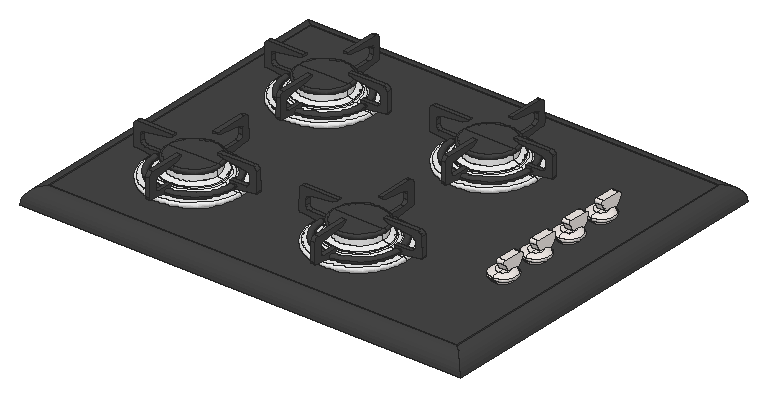
Revit family "Cook_Top_10077", category Modelos genéricos, Revit 2024
Family settings
  Puede alojar armadura = No
  Cota de conector redondo = Usar diámetro
  Tipo de pieza = Normal
  Se basa en plano de trabajo = No
  Siempre vertical = Sí
  Corte con vacíos al cargar = No
  Mantener orientación de anotación = No
  Compartido = No
  Punto de cálculo de habitación = No
Parameters
  Elevación por defecto = 0 m
Reference planes (m)
  plane 1 "Center (Front/Back)": y = 0
  plane 2: z = 0
  plane 3 "Center (Left/Right)": x = 0
Forms (m)
  Extrusion 1, solid, material "preto"
    sketch origin (0, 0, 0) x (1, 0, 0) y (0, 1, 0)
      loop
        line (-0.25, 0.2) -> (-0.25, -0.2) -> (0.25, -0.2) -> (0.25, 0.2) -> (-0.25, 0.2)
    from 0 to 0.02
  Sweep 2, solid, material "preto"
    path in 3D
      loop
        line (0.25, -0.2, 0.02) -> (0.25, 0.2, 0.02) -> (-0.25, 0.2, 0.02) -> (-0.25, -0.2, 0.02) -> (0.25, -0.2, 0.02)
    profile origin (0, -0.2, 0.02) x (0, 1, 0) y (0, 0, 1)
      loop
        arc (0, 0) -> (-0.014142, -0.005858) -> (-0.02, -0.02) r 0.02
        line (-0.02, -0.02) -> (0, -0.02) -> (0, 0)
  Revolve 3, solid, material "01 crhome"
    sketch origin (0.155, 0.095, 0.02) x (-1, 0, 0) y (0, 0, -1)
      loop
        line (0.10125, 0) -> (0.04625, 0)
        arc (0.04625, 0) -> (0.04375, -0.0025) -> (0.04625, -0.005) r 0.0025
        line (0.04625, -0.005) -> (0.05625, -0.005) -> (0.059786, -0.008536)
        arc (0.059786, -0.008536) -> (0.061398, -0.009563) -> (0.063293, -0.009812) r 0.004416
        line (0.063293, -0.009812) -> (0.06719, -0.009812) -> (0.06719, -0.010959) -> (0.06538, -0.010959) -> (0.06538, -0.011852) -> (0.072127, -0.014578) -> (0.072127, -0.023722) -> (0.10125, -0.023722) -> (0.10125, 0)
      axis (0.10125, -0.023722) -> (0.10125, 0)
    angle from 0 to 360
  Revolve 4, solid, material "preto"
    sketch origin (0.155, 0.095, 0.02) x (-1, 0, 0) y (0, 0, -1)
      loop
        circle (0.054617, -0.008324) r 0.003052
      axis (0.10125, -0.008324) -> (0.10125, -0.009324)
    angle from 0 to 360
  Extrusion 5, solid, material "preto"
    sketch origin (0.155, 0.1025, 0.02) x (-1, 0, 0) y (0, 0, -1)
      loop
        line (0.05353, -0.005462) -> (0.027524, -0.008655)
        arc (0.027524, -0.008655) -> (0.026171, -0.009374) -> (0.025647, -0.010813) r 0.002139
        line (0.025647, -0.010813) -> (0.026019, -0.033141)
        arc (0.026019, -0.033141) -> (0.027535, -0.036556) -> (0.030998, -0.037957) r 0.004982
        line (0.030998, -0.037957) -> (0.073328, -0.037957) -> (0.073328, -0.036184) -> (0.066703, -0.033095) -> (0.039234, -0.029722)
        arc (0.039234, -0.029722) -> (0.035711, -0.028263) -> (0.034252, -0.02474) r 0.004982
        line (0.034252, -0.02474) -> (0.034252, -0.018214)
        arc (0.034252, -0.018214) -> (0.035711, -0.014691) -> (0.039234, -0.013232) r 0.004982
        line (0.039234, -0.013232) -> (0.059234, -0.013232) -> (0.059234, -0.011166) -> (0.05353, -0.005462)
    from 0 to 0.005
  Revolve 6, solid, material "preto"
    sketch origin (0.155, 0.095, 0.02) x (-1, 0, 0) y (0, 0, -1)
      loop
        arc (0.072256, -0.023722) -> (0.068769, -0.024687) -> (0.070852, -0.027645) r 0.002213
        line (0.070852, -0.027645) -> (0.10125, -0.027645) -> (0.10125, -0.023722) -> (0.072256, -0.023722)
      axis (0.10125, -0.023722) -> (0.10125, -0.027645)
    angle from 0 to 360
  Extrusion 7, solid, material "preto"
    sketch origin (0.05625, 0.20125, 0.02) x (0, -1, 0) y (0, 0, 1)
      loop
        line (0.05353, 0.005462) -> (0.059234, 0.011166) -> (0.059234, 0.013232) -> (0.039234, 0.013232)
        arc (0.039234, 0.013232) -> (0.035711, 0.014691) -> (0.034252, 0.018214) r 0.004982
        line (0.034252, 0.018214) -> (0.034252, 0.02474)
        arc (0.034252, 0.02474) -> (0.035711, 0.028263) -> (0.039234, 0.029722) r 0.004982
        line (0.039234, 0.029722) -> (0.066703, 0.033095) -> (0.073328, 0.036184) -> (0.073328, 0.037957) -> (0.030998, 0.037957)
        arc (0.030998, 0.037957) -> (0.027535, 0.036556) -> (0.026019, 0.033141) r 0.004982
        line (0.026019, 0.033141) -> (0.025647, 0.010813)
        arc (0.025647, 0.010813) -> (0.026171, 0.009374) -> (0.027524, 0.008655) r 0.002139
        line (0.027524, 0.008655) -> (0.05353, 0.005462)
    from 0 to 0.005
  Extrusion 8, solid, material "preto"
    sketch origin (0.05625, -0.00125, 0.02) x (0, 1, 0) y (0, 0, -1)
      loop
        line (0.05353, -0.005462) -> (0.027524, -0.008655)
        arc (0.027524, -0.008655) -> (0.026171, -0.009374) -> (0.025647, -0.010813) r 0.002139
        line (0.025647, -0.010813) -> (0.026019, -0.033141)
        arc (0.026019, -0.033141) -> (0.027535, -0.036556) -> (0.030998, -0.037957) r 0.004982
        line (0.030998, -0.037957) -> (0.073328, -0.037957) -> (0.073328, -0.036184) -> (0.066703, -0.033095) -> (0.039234, -0.029722)
        arc (0.039234, -0.029722) -> (0.035711, -0.028263) -> (0.034252, -0.02474) r 0.004982
        line (0.034252, -0.02474) -> (0.034252, -0.018214)
        arc (0.034252, -0.018214) -> (0.035711, -0.014691) -> (0.039234, -0.013232) r 0.004982
        line (0.039234, -0.013232) -> (0.059234, -0.013232) -> (0.059234, -0.011166) -> (0.05353, -0.005462)
    from 0 to 0.005
  Extrusion 9, solid, material "preto"
    sketch origin (-0.0475, 0.1025, 0.02) x (1, 0, 0) y (0, 0, 1)
      loop
        line (0.05353, 0.005462) -> (0.059234, 0.011166) -> (0.059234, 0.013232) -> (0.039234, 0.013232)
        arc (0.039234, 0.013232) -> (0.035711, 0.014691) -> (0.034252, 0.018214) r 0.004982
        line (0.034252, 0.018214) -> (0.034252, 0.02474)
        arc (0.034252, 0.02474) -> (0.035711, 0.028263) -> (0.039234, 0.029722) r 0.004982
        line (0.039234, 0.029722) -> (0.066703, 0.033095) -> (0.073328, 0.036184) -> (0.073328, 0.037957) -> (0.030998, 0.037957)
        arc (0.030998, 0.037957) -> (0.027535, 0.036556) -> (0.026019, 0.033141) r 0.004982
        line (0.026019, 0.033141) -> (0.025647, 0.010813)
        arc (0.025647, 0.010813) -> (0.026171, 0.009374) -> (0.027524, 0.008655) r 0.002139
        line (0.027524, 0.008655) -> (0.05353, 0.005462)
    from 0 to 0.005
  Revolve 10, solid, material "01 crhome"
    sketch origin (-0.0475, 0.095, 0.02) x (-1, 0, 0) y (0, 0, -1)
      loop
        line (0.10125, 0) -> (0.04625, 0)
        arc (0.04625, 0) -> (0.04375, -0.0025) -> (0.04625, -0.005) r 0.0025
        line (0.04625, -0.005) -> (0.05625, -0.005) -> (0.059786, -0.008536)
        arc (0.059786, -0.008536) -> (0.061398, -0.009563) -> (0.063293, -0.009812) r 0.004416
        line (0.063293, -0.009812) -> (0.06719, -0.009812) -> (0.06719, -0.010959) -> (0.06538, -0.010959) -> (0.06538, -0.011852) -> (0.072127, -0.014578) -> (0.072127, -0.023722) -> (0.10125, -0.023722) -> (0.10125, 0)
      axis (0.10125, -0.023722) -> (0.10125, 0)
    angle from 0 to 360
  Revolve 11, solid, material "preto"
    sketch origin (-0.0475, 0.095, 0.02) x (-1, 0, 0) y (0, 0, -1)
      loop
        circle (0.054617, -0.008324) r 0.003052
      axis (0.10125, -0.008324) -> (0.10125, -0.009324)
    angle from 0 to 360
  Extrusion 12, solid, material "preto"
    sketch origin (-0.0475, 0.1025, 0.02) x (-1, 0, 0) y (0, 0, -1)
      loop
        line (0.05353, -0.005462) -> (0.027524, -0.008655)
        arc (0.027524, -0.008655) -> (0.026171, -0.009374) -> (0.025647, -0.010813) r 0.002139
        line (0.025647, -0.010813) -> (0.026019, -0.033141)
        arc (0.026019, -0.033141) -> (0.027535, -0.036556) -> (0.030998, -0.037957) r 0.004982
        line (0.030998, -0.037957) -> (0.073328, -0.037957) -> (0.073328, -0.036184) -> (0.066703, -0.033095) -> (0.039234, -0.029722)
        arc (0.039234, -0.029722) -> (0.035711, -0.028263) -> (0.034252, -0.02474) r 0.004982
        line (0.034252, -0.02474) -> (0.034252, -0.018214)
        arc (0.034252, -0.018214) -> (0.035711, -0.014691) -> (0.039234, -0.013232) r 0.004982
        line (0.039234, -0.013232) -> (0.059234, -0.013232) -> (0.059234, -0.011166) -> (0.05353, -0.005462)
    from 0 to 0.005
  Revolve 13, solid, material "preto"
    sketch origin (-0.0475, 0.095, 0.02) x (-1, 0, 0) y (0, 0, -1)
      loop
        arc (0.072256, -0.023722) -> (0.068769, -0.024687) -> (0.070852, -0.027645) r 0.002213
        line (0.070852, -0.027645) -> (0.10125, -0.027645) -> (0.10125, -0.023722) -> (0.072256, -0.023722)
      axis (0.10125, -0.023722) -> (0.10125, -0.027645)
    angle from 0 to 360
  Extrusion 14, solid, material "preto"
    sketch origin (-0.14625, 0.20125, 0.02) x (0, -1, 0) y (0, 0, 1)
      loop
        line (0.05353, 0.005462) -> (0.059234, 0.011166) -> (0.059234, 0.013232) -> (0.039234, 0.013232)
        arc (0.039234, 0.013232) -> (0.035711, 0.014691) -> (0.034252, 0.018214) r 0.004982
        line (0.034252, 0.018214) -> (0.034252, 0.02474)
        arc (0.034252, 0.02474) -> (0.035711, 0.028263) -> (0.039234, 0.029722) r 0.004982
        line (0.039234, 0.029722) -> (0.066703, 0.033095) -> (0.073328, 0.036184) -> (0.073328, 0.037957) -> (0.030998, 0.037957)
        arc (0.030998, 0.037957) -> (0.027535, 0.036556) -> (0.026019, 0.033141) r 0.004982
        line (0.026019, 0.033141) -> (0.025647, 0.010813)
        arc (0.025647, 0.010813) -> (0.026171, 0.009374) -> (0.027524, 0.008655) r 0.002139
        line (0.027524, 0.008655) -> (0.05353, 0.005462)
    from 0 to 0.005
  Extrusion 15, solid, material "preto"
    sketch origin (-0.14625, -0.00125, 0.02) x (0, 1, 0) y (0, 0, -1)
      loop
        line (0.05353, -0.005462) -> (0.027524, -0.008655)
        arc (0.027524, -0.008655) -> (0.026171, -0.009374) -> (0.025647, -0.010813) r 0.002139
        line (0.025647, -0.010813) -> (0.026019, -0.033141)
        arc (0.026019, -0.033141) -> (0.027535, -0.036556) -> (0.030998, -0.037957) r 0.004982
        line (0.030998, -0.037957) -> (0.073328, -0.037957) -> (0.073328, -0.036184) -> (0.066703, -0.033095) -> (0.039234, -0.029722)
        arc (0.039234, -0.029722) -> (0.035711, -0.028263) -> (0.034252, -0.02474) r 0.004982
        line (0.034252, -0.02474) -> (0.034252, -0.018214)
        arc (0.034252, -0.018214) -> (0.035711, -0.014691) -> (0.039234, -0.013232) r 0.004982
        line (0.039234, -0.013232) -> (0.059234, -0.013232) -> (0.059234, -0.011166) -> (0.05353, -0.005462)
    from 0 to 0.005
  Extrusion 16, solid, material "preto"
    sketch origin (-0.25, 0.1025, 0.02) x (1, 0, 0) y (0, 0, 1)
      loop
        line (0.05353, 0.005462) -> (0.059234, 0.011166) -> (0.059234, 0.013232) -> (0.039234, 0.013232)
        arc (0.039234, 0.013232) -> (0.035711, 0.014691) -> (0.034252, 0.018214) r 0.004982
        line (0.034252, 0.018214) -> (0.034252, 0.02474)
        arc (0.034252, 0.02474) -> (0.035711, 0.028263) -> (0.039234, 0.029722) r 0.004982
        line (0.039234, 0.029722) -> (0.066703, 0.033095) -> (0.073328, 0.036184) -> (0.073328, 0.037957) -> (0.030998, 0.037957)
        arc (0.030998, 0.037957) -> (0.027535, 0.036556) -> (0.026019, 0.033141) r 0.004982
        line (0.026019, 0.033141) -> (0.025647, 0.010813)
        arc (0.025647, 0.010813) -> (0.026171, 0.009374) -> (0.027524, 0.008655) r 0.002139
        line (0.027524, 0.008655) -> (0.05353, 0.005462)
    from 0 to 0.005
  Revolve 17, solid, material "01 crhome"
    sketch origin (0.155, -0.105, 0.02) x (-1, 0, 0) y (0, 0, -1)
      loop
        line (0.10125, 0) -> (0.04625, 0)
        arc (0.04625, 0) -> (0.04375, -0.0025) -> (0.04625, -0.005) r 0.0025
        line (0.04625, -0.005) -> (0.05625, -0.005) -> (0.059786, -0.008536)
        arc (0.059786, -0.008536) -> (0.061398, -0.009563) -> (0.063293, -0.009812) r 0.004416
        line (0.063293, -0.009812) -> (0.06719, -0.009812) -> (0.06719, -0.010959) -> (0.06538, -0.010959) -> (0.06538, -0.011852) -> (0.072127, -0.014578) -> (0.072127, -0.023722) -> (0.10125, -0.023722) -> (0.10125, 0)
      axis (0.10125, -0.023722) -> (0.10125, 0)
    angle from 0 to 360
  Revolve 18, solid, material "preto"
    sketch origin (0.155, -0.105, 0.02) x (-1, 0, 0) y (0, 0, -1)
      loop
        circle (0.054617, -0.008324) r 0.003052
      axis (0.10125, -0.008324) -> (0.10125, -0.009324)
    angle from 0 to 360
  Extrusion 19, solid, material "preto"
    sketch origin (0.155, -0.0975, 0.02) x (-1, 0, 0) y (0, 0, -1)
      loop
        line (0.05353, -0.005462) -> (0.027524, -0.008655)
        arc (0.027524, -0.008655) -> (0.026171, -0.009374) -> (0.025647, -0.010813) r 0.002139
        line (0.025647, -0.010813) -> (0.026019, -0.033141)
        arc (0.026019, -0.033141) -> (0.027535, -0.036556) -> (0.030998, -0.037957) r 0.004982
        line (0.030998, -0.037957) -> (0.073328, -0.037957) -> (0.073328, -0.036184) -> (0.066703, -0.033095) -> (0.039234, -0.029722)
        arc (0.039234, -0.029722) -> (0.035711, -0.028263) -> (0.034252, -0.02474) r 0.004982
        line (0.034252, -0.02474) -> (0.034252, -0.018214)
        arc (0.034252, -0.018214) -> (0.035711, -0.014691) -> (0.039234, -0.013232) r 0.004982
        line (0.039234, -0.013232) -> (0.059234, -0.013232) -> (0.059234, -0.011166) -> (0.05353, -0.005462)
    from 0 to 0.005
  Revolve 20, solid, material "preto"
    sketch origin (0.155, -0.105, 0.02) x (-1, 0, 0) y (0, 0, -1)
      loop
        arc (0.072256, -0.023722) -> (0.068769, -0.024687) -> (0.070852, -0.027645) r 0.002213
        line (0.070852, -0.027645) -> (0.10125, -0.027645) -> (0.10125, -0.023722) -> (0.072256, -0.023722)
      axis (0.10125, -0.023722) -> (0.10125, -0.027645)
    angle from 0 to 360
  Extrusion 21, solid, material "preto"
    sketch origin (0.05625, 0.00125, 0.02) x (0, -1, 0) y (0, 0, 1)
      loop
        line (0.05353, 0.005462) -> (0.059234, 0.011166) -> (0.059234, 0.013232) -> (0.039234, 0.013232)
        arc (0.039234, 0.013232) -> (0.035711, 0.014691) -> (0.034252, 0.018214) r 0.004982
        line (0.034252, 0.018214) -> (0.034252, 0.02474)
        arc (0.034252, 0.02474) -> (0.035711, 0.028263) -> (0.039234, 0.029722) r 0.004982
        line (0.039234, 0.029722) -> (0.066703, 0.033095) -> (0.073328, 0.036184) -> (0.073328, 0.037957) -> (0.030998, 0.037957)
        arc (0.030998, 0.037957) -> (0.027535, 0.036556) -> (0.026019, 0.033141) r 0.004982
        line (0.026019, 0.033141) -> (0.025647, 0.010813)
        arc (0.025647, 0.010813) -> (0.026171, 0.009374) -> (0.027524, 0.008655) r 0.002139
        line (0.027524, 0.008655) -> (0.05353, 0.005462)
    from 0 to 0.005
  Extrusion 22, solid, material "preto"
    sketch origin (0.05625, -0.20125, 0.02) x (0, 1, 0) y (0, 0, -1)
      loop
        line (0.05353, -0.005462) -> (0.027524, -0.008655)
        arc (0.027524, -0.008655) -> (0.026171, -0.009374) -> (0.025647, -0.010813) r 0.002139
        line (0.025647, -0.010813) -> (0.026019, -0.033141)
        arc (0.026019, -0.033141) -> (0.027535, -0.036556) -> (0.030998, -0.037957) r 0.004982
        line (0.030998, -0.037957) -> (0.073328, -0.037957) -> (0.073328, -0.036184) -> (0.066703, -0.033095) -> (0.039234, -0.029722)
        arc (0.039234, -0.029722) -> (0.035711, -0.028263) -> (0.034252, -0.02474) r 0.004982
        line (0.034252, -0.02474) -> (0.034252, -0.018214)
        arc (0.034252, -0.018214) -> (0.035711, -0.014691) -> (0.039234, -0.013232) r 0.004982
        line (0.039234, -0.013232) -> (0.059234, -0.013232) -> (0.059234, -0.011166) -> (0.05353, -0.005462)
    from 0 to 0.005
  Extrusion 23, solid, material "preto"
    sketch origin (-0.0475, -0.0975, 0.02) x (1, 0, 0) y (0, 0, 1)
      loop
        line (0.05353, 0.005462) -> (0.059234, 0.011166) -> (0.059234, 0.013232) -> (0.039234, 0.013232)
        arc (0.039234, 0.013232) -> (0.035711, 0.014691) -> (0.034252, 0.018214) r 0.004982
        line (0.034252, 0.018214) -> (0.034252, 0.02474)
        arc (0.034252, 0.02474) -> (0.035711, 0.028263) -> (0.039234, 0.029722) r 0.004982
        line (0.039234, 0.029722) -> (0.066703, 0.033095) -> (0.073328, 0.036184) -> (0.073328, 0.037957) -> (0.030998, 0.037957)
        arc (0.030998, 0.037957) -> (0.027535, 0.036556) -> (0.026019, 0.033141) r 0.004982
        line (0.026019, 0.033141) -> (0.025647, 0.010813)
        arc (0.025647, 0.010813) -> (0.026171, 0.009374) -> (0.027524, 0.008655) r 0.002139
        line (0.027524, 0.008655) -> (0.05353, 0.005462)
    from 0 to 0.005
  Revolve 24, solid, material "01 crhome"
    sketch origin (-0.0475, -0.105, 0.02) x (-1, 0, 0) y (0, 0, -1)
      loop
        line (0.10125, 0) -> (0.04625, 0)
        arc (0.04625, 0) -> (0.04375, -0.0025) -> (0.04625, -0.005) r 0.0025
        line (0.04625, -0.005) -> (0.05625, -0.005) -> (0.059786, -0.008536)
        arc (0.059786, -0.008536) -> (0.061398, -0.009563) -> (0.063293, -0.009812) r 0.004416
        line (0.063293, -0.009812) -> (0.06719, -0.009812) -> (0.06719, -0.010959) -> (0.06538, -0.010959) -> (0.06538, -0.011852) -> (0.072127, -0.014578) -> (0.072127, -0.023722) -> (0.10125, -0.023722) -> (0.10125, 0)
      axis (0.10125, -0.023722) -> (0.10125, 0)
    angle from 0 to 360
  Revolve 25, solid, material "preto"
    sketch origin (-0.0475, -0.105, 0.02) x (-1, 0, 0) y (0, 0, -1)
      loop
        circle (0.054617, -0.008324) r 0.003052
      axis (0.10125, -0.008324) -> (0.10125, -0.009324)
    angle from 0 to 360
  Extrusion 26, solid, material "preto"
    sketch origin (-0.0475, -0.0975, 0.02) x (-1, 0, 0) y (0, 0, -1)
      loop
        line (0.05353, -0.005462) -> (0.027524, -0.008655)
        arc (0.027524, -0.008655) -> (0.026171, -0.009374) -> (0.025647, -0.010813) r 0.002139
        line (0.025647, -0.010813) -> (0.026019, -0.033141)
        arc (0.026019, -0.033141) -> (0.027535, -0.036556) -> (0.030998, -0.037957) r 0.004982
        line (0.030998, -0.037957) -> (0.073328, -0.037957) -> (0.073328, -0.036184) -> (0.066703, -0.033095) -> (0.039234, -0.029722)
        arc (0.039234, -0.029722) -> (0.035711, -0.028263) -> (0.034252, -0.02474) r 0.004982
        line (0.034252, -0.02474) -> (0.034252, -0.018214)
        arc (0.034252, -0.018214) -> (0.035711, -0.014691) -> (0.039234, -0.013232) r 0.004982
        line (0.039234, -0.013232) -> (0.059234, -0.013232) -> (0.059234, -0.011166) -> (0.05353, -0.005462)
    from 0 to 0.005
  Revolve 27, solid, material "preto"
    sketch origin (-0.0475, -0.105, 0.02) x (-1, 0, 0) y (0, 0, -1)
      loop
        arc (0.072256, -0.023722) -> (0.068769, -0.024687) -> (0.070852, -0.027645) r 0.002213
        line (0.070852, -0.027645) -> (0.10125, -0.027645) -> (0.10125, -0.023722) -> (0.072256, -0.023722)
      axis (0.10125, -0.023722) -> (0.10125, -0.027645)
    angle from 0 to 360
  Extrusion 28, solid, material "preto"
    sketch origin (-0.14625, 0.00125, 0.02) x (0, -1, 0) y (0, 0, 1)
      loop
        line (0.05353, 0.005462) -> (0.059234, 0.011166) -> (0.059234, 0.013232) -> (0.039234, 0.013232)
        arc (0.039234, 0.013232) -> (0.035711, 0.014691) -> (0.034252, 0.018214) r 0.004982
        line (0.034252, 0.018214) -> (0.034252, 0.02474)
        arc (0.034252, 0.02474) -> (0.035711, 0.028263) -> (0.039234, 0.029722) r 0.004982
        line (0.039234, 0.029722) -> (0.066703, 0.033095) -> (0.073328, 0.036184) -> (0.073328, 0.037957) -> (0.030998, 0.037957)
        arc (0.030998, 0.037957) -> (0.027535, 0.036556) -> (0.026019, 0.033141) r 0.004982
        line (0.026019, 0.033141) -> (0.025647, 0.010813)
        arc (0.025647, 0.010813) -> (0.026171, 0.009374) -> (0.027524, 0.008655) r 0.002139
        line (0.027524, 0.008655) -> (0.05353, 0.005462)
    from 0 to 0.005
  Extrusion 29, solid, material "preto"
    sketch origin (-0.14625, -0.20125, 0.02) x (0, 1, 0) y (0, 0, -1)
      loop
        line (0.05353, -0.005462) -> (0.027524, -0.008655)
        arc (0.027524, -0.008655) -> (0.026171, -0.009374) -> (0.025647, -0.010813) r 0.002139
        line (0.025647, -0.010813) -> (0.026019, -0.033141)
        arc (0.026019, -0.033141) -> (0.027535, -0.036556) -> (0.030998, -0.037957) r 0.004982
        line (0.030998, -0.037957) -> (0.073328, -0.037957) -> (0.073328, -0.036184) -> (0.066703, -0.033095) -> (0.039234, -0.029722)
        arc (0.039234, -0.029722) -> (0.035711, -0.028263) -> (0.034252, -0.02474) r 0.004982
        line (0.034252, -0.02474) -> (0.034252, -0.018214)
        arc (0.034252, -0.018214) -> (0.035711, -0.014691) -> (0.039234, -0.013232) r 0.004982
        line (0.039234, -0.013232) -> (0.059234, -0.013232) -> (0.059234, -0.011166) -> (0.05353, -0.005462)
    from 0 to 0.005
  Extrusion 30, solid, material "preto"
    sketch origin (-0.25, -0.0975, 0.02) x (1, 0, 0) y (0, 0, 1)
      loop
        line (0.05353, 0.005462) -> (0.059234, 0.011166) -> (0.059234, 0.013232) -> (0.039234, 0.013232)
        arc (0.039234, 0.013232) -> (0.035711, 0.014691) -> (0.034252, 0.018214) r 0.004982
        line (0.034252, 0.018214) -> (0.034252, 0.02474)
        arc (0.034252, 0.02474) -> (0.035711, 0.028263) -> (0.039234, 0.029722) r 0.004982
        line (0.039234, 0.029722) -> (0.066703, 0.033095) -> (0.073328, 0.036184) -> (0.073328, 0.037957) -> (0.030998, 0.037957)
        arc (0.030998, 0.037957) -> (0.027535, 0.036556) -> (0.026019, 0.033141) r 0.004982
        line (0.026019, 0.033141) -> (0.025647, 0.010813)
        arc (0.025647, 0.010813) -> (0.026171, 0.009374) -> (0.027524, 0.008655) r 0.002139
        line (0.027524, 0.008655) -> (0.05353, 0.005462)
    from 0 to 0.005
  Revolve 31, solid, material "branco"
    sketch origin (0.2025, 0, 0.02) x (0, -1, 0) y (0, 0, -1)
      loop
        line (0.07, 0) -> (0.057788, 0) -> (0.054122, -0.004255)
        arc (0.054122, -0.004255) -> (0.053692, -0.005465) -> (0.054191, -0.006649) r 0.001776
        arc (0.054191, -0.006649) -> (0.057476, -0.008905) -> (0.061381, -0.0097) r 0.01
        line (0.061381, -0.0097) -> (0.07, -0.0097) -> (0.07, 0)
      axis (0.07, 0) -> (0.07, -0.0097)
    angle from 0 to 360
  Extrusion 32, solid, material "branco"
    sketch origin (0.207458, 0, 0.02) x (0, -1, 0) y (0, 0, -1)
      loop
        line (0.07, -0.009812) -> (0.053883, -0.005191)
        arc (0.053883, -0.005191) -> (0.050303, -0.008788) -> (0.048147, -0.013382) r 0.014822
        line (0.048147, -0.013382) -> (0.046769, -0.018188)
        arc (0.046769, -0.018188) -> (0.047383, -0.020179) -> (0.049011, -0.021479) r 0.003536
        line (0.049011, -0.021479) -> (0.072491, -0.021479)
        arc (0.072491, -0.021479) -> (0.074759, -0.02015) -> (0.074711, -0.017522) r 0.002601
        line (0.074711, -0.017522) -> (0.07, -0.009812)
    from 0 to -0.00875
  Revolve 33, solid, material "branco"
    sketch origin (0.2025, 0.05, 0.02) x (0, -1, 0) y (0, 0, -1)
      loop
        line (0.07, 0) -> (0.057788, 0) -> (0.054122, -0.004255)
        arc (0.054122, -0.004255) -> (0.053692, -0.005465) -> (0.054191, -0.006649) r 0.001776
        arc (0.054191, -0.006649) -> (0.057476, -0.008905) -> (0.061381, -0.0097) r 0.01
        line (0.061381, -0.0097) -> (0.07, -0.0097) -> (0.07, 0)
      axis (0.07, 0) -> (0.07, -0.0097)
    angle from 0 to 360
  Extrusion 34, solid, material "branco"
    sketch origin (0.207458, 0.05, 0.02) x (0, -1, 0) y (0, 0, -1)
      loop
        line (0.07, -0.009812) -> (0.053883, -0.005191)
        arc (0.053883, -0.005191) -> (0.050303, -0.008788) -> (0.048147, -0.013382) r 0.014822
        line (0.048147, -0.013382) -> (0.046769, -0.018188)
        arc (0.046769, -0.018188) -> (0.047383, -0.020179) -> (0.049011, -0.021479) r 0.003536
        line (0.049011, -0.021479) -> (0.072491, -0.021479)
        arc (0.072491, -0.021479) -> (0.074759, -0.02015) -> (0.074711, -0.017522) r 0.002601
        line (0.074711, -0.017522) -> (0.07, -0.009812)
    from 0 to -0.00875
  Revolve 35, solid, material "branco"
    sketch origin (0.2025, 0.1, 0.02) x (0, -1, 0) y (0, 0, -1)
      loop
        line (0.07, 0) -> (0.057788, 0) -> (0.054122, -0.004255)
        arc (0.054122, -0.004255) -> (0.053692, -0.005465) -> (0.054191, -0.006649) r 0.001776
        arc (0.054191, -0.006649) -> (0.057476, -0.008905) -> (0.061381, -0.0097) r 0.01
        line (0.061381, -0.0097) -> (0.07, -0.0097) -> (0.07, 0)
      axis (0.07, 0) -> (0.07, -0.0097)
    angle from 0 to 360
  Extrusion 36, solid, material "branco"
    sketch origin (0.207458, 0.1, 0.02) x (0, -1, 0) y (0, 0, -1)
      loop
        line (0.07, -0.009812) -> (0.053883, -0.005191)
        arc (0.053883, -0.005191) -> (0.050303, -0.008788) -> (0.048147, -0.013382) r 0.014822
        line (0.048147, -0.013382) -> (0.046769, -0.018188)
        arc (0.046769, -0.018188) -> (0.047383, -0.020179) -> (0.049011, -0.021479) r 0.003536
        line (0.049011, -0.021479) -> (0.072491, -0.021479)
        arc (0.072491, -0.021479) -> (0.074759, -0.02015) -> (0.074711, -0.017522) r 0.002601
        line (0.074711, -0.017522) -> (0.07, -0.009812)
    from 0 to -0.00875
  Revolve 37, solid, material "branco"
    sketch origin (0.2025, 0.15, 0.02) x (0, -1, 0) y (0, 0, -1)
      loop
        line (0.07, 0) -> (0.057788, 0) -> (0.054122, -0.004255)
        arc (0.054122, -0.004255) -> (0.053692, -0.005465) -> (0.054191, -0.006649) r 0.001776
        arc (0.054191, -0.006649) -> (0.057476, -0.008905) -> (0.061381, -0.0097) r 0.01
        line (0.061381, -0.0097) -> (0.07, -0.0097) -> (0.07, 0)
      axis (0.07, 0) -> (0.07, -0.0097)
    angle from 0 to 360
  Extrusion 38, solid, material "branco"
    sketch origin (0.207458, 0.15, 0.02) x (0, -1, 0) y (0, 0, -1)
      loop
        line (0.07, -0.009812) -> (0.053883, -0.005191)
        arc (0.053883, -0.005191) -> (0.050303, -0.008788) -> (0.048147, -0.013382) r 0.014822
        line (0.048147, -0.013382) -> (0.046769, -0.018188)
        arc (0.046769, -0.018188) -> (0.047383, -0.020179) -> (0.049011, -0.021479) r 0.003536
        line (0.049011, -0.021479) -> (0.072491, -0.021479)
        arc (0.072491, -0.021479) -> (0.074759, -0.02015) -> (0.074711, -0.017522) r 0.002601
        line (0.074711, -0.017522) -> (0.07, -0.009812)
    from 0 to -0.00875
Lines and regions (m)
  sketch lines
    curve 1: line (-0.25, -0.2, 0.02) -> (0.25, -0.2, 0.02)
    curve 2: line (-0.25, 0.2, 0.02) -> (-0.25, -0.2, 0.02)
    curve 3: line (0.25, 0.2, 0.02) -> (-0.25, 0.2, 0.02)
    curve 4: line (0.25, -0.2, 0.02) -> (0.25, 0.2, 0.02)
